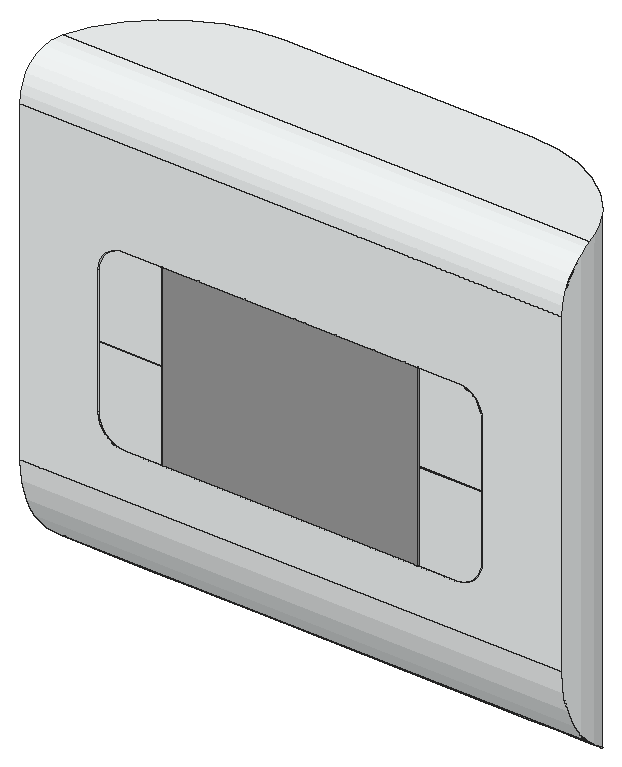
Revit family "56_WTH_thermostaat D9373_e", category Mechanical Equipment, Revit 2012
Parameters
  lod_niveau = "LOD400"  # constant formula
  leverancier = "WTH Vloerverwarming B.V."  # constant formula
  datasheet = "http://www.wth.nl/CmsData/Producten/D9373/D9373%20Productblad%20ruimtethermostaat.pdf"
  content_modified_date = "08-08-2013"
  content_creation_date = "08-08-2013"  # constant formula
  bestelnummer = "D9373"  # constant formula
  artikelnummer = "D9373"  # constant formula
  URL = "http://www.wth.nl/Items/nl-NL/Producten/assortiment/D9373-WTH-Comfort-digitale-ruimtethermostaat-powerstealing"
  Model = ""
  Manufacturer = "WTH Vloerverwarming B.V."  # constant formula
  GTIN = ""
  GLN = ""
  Description = "WTH Comfort digitale ruimtethermostaat toepasbaar in combinatie met de UMR"  # constant formula
  Content version = "1.0"  # constant formula
  Content Creator = "www.cadac.com/aec"
Reference planes
  plane 1 "Center (Front/Back)": y = 0
  plane 2: z = 0
  plane 3 "Center (Left/Right)": x = 0
  plane 4: x = -42.5
  plane 5: x = 42.5
  plane 6: z = 82
  plane 7: y = -23
  plane 8: x = -20
  plane 9: z = 60
  plane 10: z = 32
  plane 11: x = 20
  plane 12: z = 46.1
  plane 13: x = -30.2
  plane 14: x = 30
  plane 15: x = -20.2
  plane 16: z = 45.9
  plane 17: z = 25
  plane 18: z = 75
  plane 19: y = -16
  plane 20: z = 59.9
  plane 21: z = 32.1
Forms (mm)
  Extrusion 1, solid, material "zz_250-255-255"
    sketch origin (0, 0, 0) x (1, 0, 0) y (0, 0, 1)
      loop
        line (-42.5, 82) -> (-42.5, 0) -> (42.5, 0) -> (42.5, 82) -> (-42.5, 82)
    from 0 to 23
  Extrusion 2, void
    sketch origin (0, 0, 0) x (1, 0, 0) y (0, 0, 1)
      loop
        arc (-26.2, 60) -> (-29.028, 58.828) -> (-30.2, 56) r 4
        line (-30.2, 56) -> (-30.2, 36)
        arc (-30.2, 36) -> (-29.028, 33.172) -> (-26.2, 32) r 4
        line (-26.2, 32) -> (26.2, 32)
        arc (26.2, 32) -> (29.028, 33.172) -> (30.2, 36) r 4
        line (30.2, 36) -> (30.2, 56)
        arc (30.2, 56) -> (29.028, 58.828) -> (26.2, 60) r 4
        line (26.2, 60) -> (-26.2, 60)
    from 21.604 to 23
  Extrusion 3, solid, material "zz_128-128-128"
    sketch origin (23.265, 0, 0) x (1, 0, 0) y (0, 0, 1)
      loop
        line (-43.265, 60) -> (-43.265, 32) -> (-3.265, 32) -> (-3.265, 60) -> (-43.265, 60)
    from 21.604 to 23
  Extrusion 4, solid, material "zz_250-255-255"
    sketch origin (-20.421, 0, 22.856) x (-1, 0, 0) y (0, 0, -1)
      loop
        line (-46.421, -37.044) -> (-40.621, -37.044) -> (-40.621, -23.244) -> (-50.421, -23.244) -> (-50.421, -33.044)
        arc (-50.421, -33.044) -> (-49.249, -35.872) -> (-46.421, -37.044) r 4
    from 21.604 to 23
  Extrusion 5, void
    sketch origin (0, 0, 0) x (0, 1, 0) y (0, 0, 1)
      loop
        arc (-15.91, 11.559) -> (-21.119, 17.402) -> (-23, 25) r 16.285
        line (-23, 25) -> (-23, 0) -> (0, 0) -> (-15.91, 11.559)
    from -42.5 to 42.5
  Extrusion 6, void
    sketch origin (0, 0, 91.8) x (0, 1, 0) y (0, 0, 1)
      loop
        line (-16, -9.8) -> (-23, -9.8) -> (-23, -16.8)
        arc (-23, -16.8) -> (-20.95, -11.85) -> (-16, -9.8) r 7
    from -42.5 to 42.5
  Extrusion 7, solid, material "zz_250-255-255"
    sketch origin (-20.421, 0, 69.144) x (-1, 0, 0) y (0, 0, -1)
      loop
        arc (-46.421, 37.044) -> (-49.249, 35.872) -> (-50.421, 33.044) r 4
        line (-50.421, 33.044) -> (-50.421, 23.244) -> (-40.621, 23.244) -> (-40.621, 37.044) -> (-46.421, 37.044)
    from 21.604 to 23
  Extrusion 8, solid, material "zz_250-255-255"
    sketch origin (20.421, 0, 22.856) x (1, 0, 0) y (0, 0, 1)
      loop
        arc (-46.421, 37.044) -> (-49.249, 35.872) -> (-50.421, 33.044) r 4
        line (-50.421, 33.044) -> (-50.421, 23.244) -> (-40.621, 23.244) -> (-40.621, 37.044) -> (-46.421, 37.044)
    from 21.604 to 23
  Extrusion 9, solid, material "zz_250-255-255"
    sketch origin (20.421, 0, 69.144) x (1, 0, 0) y (0, 0, 1)
      loop
        line (-46.421, -37.044) -> (-40.621, -37.044) -> (-40.621, -23.244) -> (-50.421, -23.244) -> (-50.421, -33.044)
        arc (-50.421, -33.044) -> (-49.249, -35.872) -> (-46.421, -37.044) r 4
    from 21.604 to 23
  Extrusion 10, void
    sketch origin (0, 0, 0) x (1, 0, 0) y (0, 1, 0)
      loop
        line (42.5, 0) -> (19.5, 0)
        arc (19.5, 0) -> (35.763, -6.737) -> (42.5, -23) r 23
        line (42.5, -23) -> (42.5, 0)
    from 0 to 82
  Extrusion 11, void
    sketch origin (0, 0, 0) x (-1, 0, 0) y (0, -1, 0)
      loop
        line (42.5, 0) -> (42.5, 23)
        arc (42.5, 23) -> (35.763, 6.737) -> (19.5, 0) r 23
        line (19.5, 0) -> (42.5, 0)
    from 0 to 82
Cuts and joins
  Extrusion 2, Extrusion 5, Extrusion 6, Extrusion 10, Extrusion 11 cuts Extrusion 1
Dimensions and locks
  equal spacing: plane 5, plane 3 "Center (Left/Right)", plane 4
  plane 5 to plane 4 = 85.0 mm
  plane 6 to plane 2 = 82.0 mm
  aligned and locked: level to plane 2
  aligned and locked: Extrusion 1 sketch curve to plane 6
  aligned and locked: plane 4 to Extrusion 1 sketch curve
  aligned and locked: plane 2 to Extrusion 1 sketch curve
  aligned and locked: Extrusion 1 sketch curve to plane 5
  aligned and locked: Extrusion 1 to plane 7
  aligned and locked: Extrusion 2 to Extrusion 3  (x2)
Automatic sketch dimensions
  Extrusion 2 sketch curve to plane 13 = 0.0 mm
  Extrusion 2 sketch curve to plane 10 = 0.0 mm
  Extrusion 2 sketch curve to plane 9 = 0.0 mm
  plane 13 to Extrusion 2 sketch curve = 4.0 mm
  Extrusion 2 sketch curve to plane 20 = 3.9 mm
  Extrusion 2 sketch curve to plane 14 = 3.8 mm  (x2)
  plane 14 to Extrusion 2 sketch curve = 0.2 mm
  Extrusion 3 sketch curve to plane 8 = 0.0 mm
  Extrusion 3 sketch curve to plane 10 = 0.0 mm
  plane 11 to Extrusion 3 sketch curve = 0.0 mm
  Extrusion 3 sketch curve to plane 9 = 0.0 mm
  Extrusion 4 sketch curve to plane 14 = 0.0 mm
  Extrusion 4 sketch curve to plane 20 = 0.0 mm
  Extrusion 4 sketch curve to plane 12 = 0.0 mm
  Extrusion 4 sketch curve to Extrusion 4 sketch curve = 4.0 mm
  Extrusion 4 sketch curve to Extrusion 4 sketch curve = 0.0 mm  (x2)
  Extrusion 4 sketch curve to plane 11 = 0.2 mm
  Extrusion 5 sketch curve to level = 0.0 mm
  Extrusion 5 sketch curve to plane 7 = 0.0 mm
  plane 17 to Extrusion 5 sketch curve = 0.0 mm
  Extrusion 5 sketch curve to plane 1 "Center (Front/Back)" = 0.0 mm
  plane 7 to Extrusion 5 sketch curve = 7.09 mm
  plane 1 "Center (Front/Back)" to Extrusion 5 sketch curve = 6.715 mm
  Extrusion 6 sketch curve to plane 6 = 0.0 mm
  Extrusion 6 sketch curve to plane 7 = 0.0 mm
  plane 18 to Extrusion 6 sketch curve = 0.0 mm
  Extrusion 7 sketch curve to plane 14 = 0.0 mm
  Extrusion 7 sketch curve to plane 21 = 0.0 mm
  Extrusion 7 sketch curve to plane 16 = 0.0 mm
  Extrusion 7 sketch curve to plane 14 = 4.0 mm
  Extrusion 7 sketch curve to Extrusion 7 sketch curve = 0.0 mm  (x2)
  Extrusion 7 sketch curve to plane 11 = 0.2 mm
  Extrusion 8 sketch curve to plane 12 = 0.0 mm
  Extrusion 8 sketch curve to plane 20 = 0.0 mm
  Extrusion 8 sketch curve to plane 15 = 0.0 mm
  plane 13 to Extrusion 8 sketch curve = 4.2 mm
  Extrusion 8 sketch curve to Extrusion 8 sketch curve = 0.0 mm  (x2)
  plane 13 to Extrusion 8 sketch curve = 0.2 mm
  Extrusion 9 sketch curve to plane 16 = 0.0 mm
  Extrusion 9 sketch curve to plane 21 = 0.0 mm
  Extrusion 9 sketch curve to plane 15 = 0.0 mm
  plane 13 to Extrusion 9 sketch curve = 4.2 mm
  Extrusion 9 sketch curve to Extrusion 9 sketch curve = 0.0 mm  (x2)
  plane 13 to Extrusion 9 sketch curve = 0.2 mm
  Extrusion 10 sketch curve to plane 7 = 0.0 mm
  plane 1 "Center (Front/Back)" to Extrusion 10 sketch curve = 0.0 mm
  Extrusion 10 sketch curve to plane 5 = 0.0 mm
  Extrusion 11 sketch curve to plane 7 = 0.0 mm
  plane 1 "Center (Front/Back)" to Extrusion 11 sketch curve = 0.0 mm
  Extrusion 11 sketch curve to plane 4 = 0.0 mm
